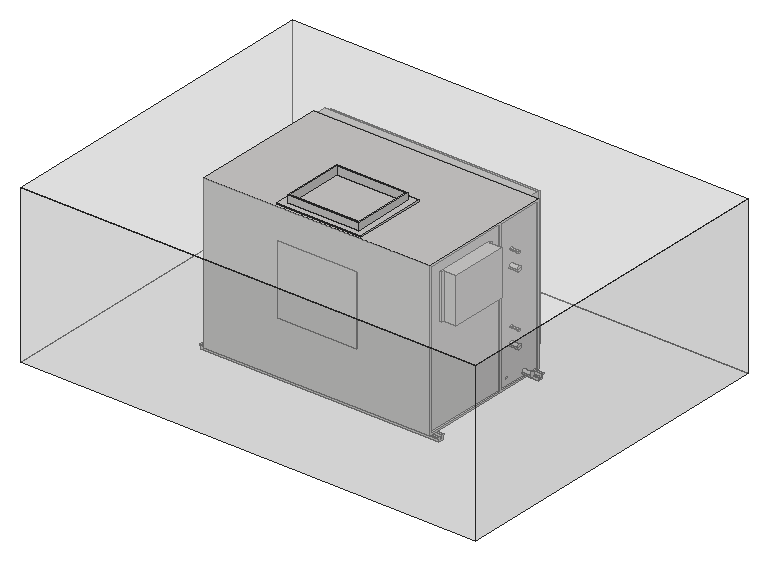
Revit family "outputfile", category 機械設備, Revit 2024
Family settings
  丸型コネクタ寸法 = 半径を使用
  パーツ タイプ = 標準
  OmniClass 番号 = 23.75.10.24.21.27.27
  OmniClass タイトル = Split System Air Conditioning Units
  作業面ベース = いいえ
  常に垂直 = はい
  ロード時にボイドで切り取り = いいえ
  注釈の向きを維持 = いいえ
  共有 = いいえ
  部屋計算ポイント = はい
Parameters (values of type "2FGN300HYL")
  Description = ""
  書き出し IFC クラス(タイプ) = "IfcUnitaryEquipmentType"
  定義済み IFC タイプ(タイプ) = "AIRCONDITIONINGUNIT"
  Cost = 0
  Type Comments = ""
  Keynote = ""
  Type Image = (empty or 0)
  Assembly Code = ""
  switch_frequency = yes
  lw_power = 930 mm
  lw_box = 97 mm
  lw_RA = 853 mm
  lh_liquidpipe_2 = 989 mm
  lh_height_SA = 482 mm
  lh_ld_mountinghole_height = 35 mm
  lh_height_RA = 1073 mm
  lh_hangerfixture = 35 mm
  lh_gaspipe_2 = 869 mm
  lh_box_top = 95 mm
  lh_box = 351 mm
  lh_SA = 1291 mm
  lh_RA = 659.5 mm
  ld_depth_SA = 301 mm
  ld_depth_RA = 130 mm
  ld_box_left = 115 mm
  ld_box = 490 mm
  connector_voltage = Voltage_60Hz  # 380 V
  connector_powerinput = [Power Input (Cooling)]  # 31.610 kW
  connector_phase = Phase_60Hz  # 3
  製造元 = "Daikin"
  モデル = "2FGN300HYL"
  w_pipe = 33 mm
  r_Liquid Pipe Size = Liquid Pipe Size / 2  # 7.95 mm
  r_Gas Pipe Size = Gas Pipe Size / 2  # 17.45 mm
  r_Drain Pipe Size = Drain Pipe Size / 2  # 17.0 mm
  lw_powersupply = lw_power  # 930 mm
  lw_width_RA = 1636 mm
  lw_width_SA = 560 mm
  lh_suctionflange [instance] = 100 mm
  ld_suctionflange [instance] = 190 mm
  ld_powersupply = 0 mm
  angle_vertical_RA [instance] = 90.00°
  angle horizontal_RA [instance] = 180.00°
  Voltage_comment_60Hz = "380"
  Voltage_60Hz = 380 V
  URL = ""
  Sound Power Level_H speed (dB) = 0
  Phase_60Hz = 3
  Minimum External Static Pressure = 0.00 Pa
  Minimum Circuit Amps_60Hz = 0.0 A
  Maximum Fuse Amps_60Hz = 0.0 A
  Maximum External Static Pressure = 200.00 Pa
  Material_Casing = DAIKIN_GalvanizedSteel_Casing_indoorunit
  lw_liquidpipe = 933 mm
  lw_gaspipe = 933 mm
  lw_mountinghole_pitch = 1826 mm
  lw_mountinghole = 1866 mm
  lw_drainpipe = 933 mm
  lh_powersupply = 785 mm
  lh_liquidpipe = 443 mm
  lh_gaspipe = 323 mm
  lh_mountinghole = 5 mm
  lh_drainpipe = 73 mm
  lh_antena = 1227 mm
  ld_liquidpipe = 280.5 mm
  ld_gaspipe = 280.5 mm
  ld_mountinghole_pitch = 974 mm
  ld_drainpipe = 405.5 mm
  ld_controlbox = 626 mm
  h*** = 0 mm  # constant formula
  d_dischargeflange = 60 mm
  Width = 1766 mm
  Version = "ver.1.0"
  Unit Type = "Duct"
  Unit Mass Weight = 337.00 kg
  Unit Designation [instance] = ""
  Uniclass2015Version = "Products v1.30"
  Uniclass2015Title = "Split coil room air conditioning units"
  Uniclass2015Code = "Pr_70_65_03_86"
  Total Cooling Capacity [instance] = 0.000 kW
  Sound Pressure Level_M speed (dBA) = 0
  Sound Pressure Level_L speed (dBA) = 0
  Sound Pressure Level_H speed (dBA) = 66
  Series = "Package Aircon_Fan Coil Unit"
  Sensible Cooling Capacity [instance] = 0.000 kW
  SA Duct Size Width = 560 mm
  SA Duct Size Height = 482 mm
  Refrigerant Type = "R410A"
  RA Duct Size Width = 1636 mm
  RA Duct Size Height = 1073 mm
  Power Input (Cooling) = 31.610 kW
  Option Accessory 3 [instance] = ""
  Option Accessory 2 [instance] = ""
  Option Accessory 1 [instance] = ""
  Nominal Cooling Capacity = 87.925 kW
  Minimum Airflow = 0.00 m³/h
  Median Airflow = 0.00 m³/h
  Maximum Airflow = 15291.00 m³/h
  Load Classification = HVAC
  Liquid Pipe Size = 15.9 mm
  Link_Nested Family [instance] = ""
  IfcVersion = ""
  IfcExportType = "AIRCONDITIONINGUNIT"
  IfcExportAs = "IfcUnitaryEquipmentType"
  Height = 1231 mm
  Heat Exchanger Type = "Cross Fin Coil"
  Gas Pipe Size = 34.9 mm
  Frequency_60Hz = 60 Hz
  Fan Type = "Sirocco Fan"
  Fan Drive = "-"
  FCU Tag No. [instance] = ""
  Drain Pipe Size = 34.0 mm
  Design Supply Airflow [instance] = 0.00 m³/h
  Design Return Airflow [instance] = 0.00 m³/h
  Design External Static Pressure [instance] = 0.00 Pa
  Depth = 1069 mm
  既定の高さ = 0 mm
  Cooling Entering Wet Bulb Temperature [instance] = 0.00 °C
  Cooling Entering Dry Bulb Temperature [instance] = 0.00 °C
  Cooling Ambient Wet Bulb Temperature [instance] = 0.00 °C
  Cooling Ambient Dry Bulb Temperature [instance] = 0.00 °C
  Clearance visibility [instance] = yes
  Clearance Top = 0 mm
  Clearance Right = 1000 mm
  Clearance Rear = 800 mm
  Clearance Left = 800 mm
  Clearance Front = 800 mm
  Clearance Bottom = 0 mm
Reference planes
  plane 1 "Center (Front/Back)": y = 0
  plane 2: z = 0
  plane 3 "Center (Left/Right)": x = 0
  plane 4 "Back": y = 534.5
  plane 5 "Front": y = -534.5
  plane 6 "Left": x = -883
  plane 7 "Right": x = 883
  plane 8 "Top": z = 0
  plane 9 "Bottom": z = -1231
  plane 10: z = -788
  plane 11: z = -908
  plane 12: x = -913
  plane 13: x = 913
  plane 14: x = 933
  plane 15: x = 933
  plane 16: z = -1226
  plane 17 "Clearance Left": x = -1683
  plane 18 "Clearance Right": x = 1883
  plane 19 "Clearance Rear": y = 1334.5
  plane 20 "Clearance Front": y = -1334.5
  plane 21 "Clearance Bottom": z = -1231
  plane 22: z = -1158
  plane 23 "ld_gas": y = 280.5
  plane 24: y = 280.5
  plane 25: y = -30
  plane 26: y = 405.5
  plane 27: y = 344.5
  plane 28: x = 933
  plane 29: y = 487
  plane 30: y = -487
  plane 31: y = -233.5
  plane 32: y = 664.5
  plane 33 "Clearance Top": z = 0
  plane 34: z = -446
  plane 35: y = 0
  plane 36 "hangerfixture": z = -1196
  plane 37 "lh_SA": z = 60
  plane 38 "lh_RA": z = -571.5
  plane 39 "RA_center": x = -30
  plane 40: y = -524.5
  plane 41: y = 155.5
  plane 42: y = 524.5
  plane 43: z = -10
  plane 44: z = -1186
  plane 45: y = 165.5
  plane 46: y = -524.5
  plane 47: y = 155.5
  plane 48: y = 524.5
  plane 49: z = -10
  plane 50: z = -1186
  plane 51: y = 165.5
  plane 52: x = 883
  plane 53: x = 980
  plane 54: y = -419.5
  plane 55: y = -399.5
  plane 56: y = 50.5
  plane 57: y = 70.5
  plane 58 "box_bottom": z = -446
  plane 59 "box_top": z = -95
  plane 60: x = -310
  plane 61: x = 310
  plane 62: y = -534.5
  plane 63: y = -524.5
  plane 64 "lw_power": x = 930
  plane 65: z = -242
  plane 66: z = -362
Forms (mm)
  Extrusion 1, solid, material "DAIKIN_GalvanizedSteel_Casing_indoorunit" <- "Material_Casing"
    sketch origin (0, -0.8, 0) x (1, 0, 0) y (0, 1, 0)
      loop
        line (-883, -533.7) -> (883, -533.7) -> (883, 535.3) -> (-883, 535.3) -> (-883, -533.7)
    from -1196 to 0
  Revolve 2, solid, material "DAIKIN_GalvanizedSteel_Casing_indoorunit" <- "Material_Casing"
    sketch origin (0, 0, -908) x (0, -1, 0) y (1, 0, 0)
      loop
        line (-263.05, 863) -> (-263.05, 933) -> (-280.5, 933) -> (-280.5, 863) -> (-263.05, 863)
      axis (-280.5, 863) -> (-280.5, 933)
    angle from 0 to 360
  Revolve 3, solid, material "DAIKIN_GalvanizedSteel_Casing_indoorunit" <- "Material_Casing"
    sketch origin (0, 0, -788) x (0, -1, 0) y (1, 0, 0)
      loop
        line (-280.5, 863) -> (-280.5, 933) -> (-288.45, 933) -> (-288.45, 863) -> (-280.5, 863)
      axis (-280.5, 933) -> (-280.5, 863)
    angle from 0 to 360
  Extrusion 4, solid, material "DAIKIN_GalvanizedSteel_Casing_indoorunit" <- "Material_Casing"
    sketch origin (0, 0, 0) x (0, 1, 0) y (0, 0, 1)
      loop
        circle (405.5, -1158) r 17
    from 933 to 863
  Extrusion 5, void
    sketch origin (883, 0, 0) x (0, 1, 0) y (0, 0, 1)
      loop
        line (-524.5, -10) -> (-524.5, -1186) -> (155.5, -1186) -> (155.5, -10) -> (-524.5, -10)
      loop
        line (524.5, -10) -> (165.5, -10) -> (165.5, -1186) -> (524.5, -1186) -> (524.5, -10)
    from 0 to -20
  Extrusion 6, void
    sketch origin (-883, 0, 0) x (0, 1, 0) y (0, 0, 1)
      loop
        line (-524.5, -10) -> (-524.5, -1186) -> (155.5, -1186) -> (155.5, -10) -> (-524.5, -10)
      loop
        line (524.5, -10) -> (165.5, -10) -> (165.5, -1186) -> (524.5, -1186) -> (524.5, -10)
    from 0 to 20
  Extrusion 7, solid, material "DAIKIN_GalvanizedSteel_Casing_indoorunit" <- "Material_Casing"
    sketch origin (0, 0, 0) x (1, 0, 0) y (0, 1, 0)
      loop
        line (863, -419.5) -> (883, -419.5) -> (883, -399.5) -> (980, -399.5) -> (980, 50.5) -> (883, 50.5) -> (883, 70.5) -> (863, 70.5) -> (863, -419.5)
    from -446 to -95
  Extrusion 8, solid, material "DAIKIN_GalvanizedSteel_Casing_indoorunit" <- "Material_Casing"
    sketch origin (0, 0, -1231) x (-1, 0, 0) y (0, -1, 0)
      loop
        line (310, 524.5) -> (310, 534.5) -> (-310, 534.5) -> (-310, 524.5) -> (310, 524.5)
    from 444 to 986
  Revolve 9, solid, material "DAIKIN_GalvanizedSteel_Casing_indoorunit" <- "Material_Casing"
    sketch origin (0, 0, -362) x (0, -1, 0) y (1, 0, 0)
      loop
        line (-263.05, 863) -> (-263.05, 933) -> (-280.5, 933) -> (-280.5, 863) -> (-263.05, 863)
      axis (-280.5, 863) -> (-280.5, 933)
    angle from 0 to 360
  Revolve 10, solid, material "DAIKIN_GalvanizedSteel_Casing_indoorunit" <- "Material_Casing"
    sketch origin (0, 0, -242) x (0, -1, 0) y (1, 0, 0)
      loop
        line (-280.5, 863) -> (-280.5, 933) -> (-288.45, 933) -> (-288.45, 863) -> (-280.5, 863)
      axis (-280.5, 933) -> (-280.5, 863)
    angle from 0 to 360
  Extrusion 11, void
    sketch origin (883, 0, 0) x (0, 1, 0) y (0, 0, 1)
      loop
        circle (240, -1132) r 13.5
    from -21 to 0
Cuts and joins
  Extrusion 5, Extrusion 6, Extrusion 11 cuts Extrusion 1
  Extrusion 6 cuts Revolve 2
  Extrusion 6 cuts Revolve 3
  Extrusion 6 cuts Extrusion 4
Dimensions and locks
  equal spacing: plane 12, plane 3 "Center (Left/Right)", plane 13
  "lw_mountinghole_pitch": plane 12 to plane 13
  "lh_liquidpipe": plane 10 to plane 9 "Bottom"
  "lh_gaspipe": plane 11 to plane 9 "Bottom"
  equal spacing: plane 6 "Left", plane 3 "Center (Left/Right)", plane 7 "Right"
  "Width": plane 6 "Left" to plane 7 "Right"
  "Clearance Right": plane 7 "Right" to plane 18 "Clearance Right"
  "Clearance Left": plane 17 "Clearance Left" to plane 6 "Left"
  "Clearance Rear": plane 19 "Clearance Rear" to plane 4 "Back"
  "Clearance Front": plane 5 "Front" to plane 20 "Clearance Front"
  "Depth": plane 4 "Back" to plane 5 "Front"
  equal spacing: plane 4 "Back", plane 1 "Center (Front/Back)", plane 5 "Front"
  "ld_suctionflange": plane 4 "Back" to plane 27
  "r_Liquid Pipe Size": nested 5 to Revolve 3 sketch curve
  equal spacing: plane 29, plane 1 "Center (Front/Back)", plane 30
  "ld_mountinghole_pitch": plane 29 to plane 30
  "lw_liquidpipe": plane 3 "Center (Left/Right)" to plane 14
  "lw_gaspipe": plane 3 "Center (Left/Right)" to plane 15
  "lw_drainpipe": plane 3 "Center (Left/Right)" to plane 28
  "lh_drainpipe": plane 22 to plane 9 "Bottom"
  "Clearance Top": plane 33 "Clearance Top" to plane 8 "Top"
  "Clearance Bottom": plane 9 "Bottom" to plane 21 "Clearance Bottom"
  "lh_powersupply": plane 34 to plane 9 "Bottom"
  plane 8 "Top" to level = 0 mm
  "lh_hangerfixture": plane 36 "hangerfixture" to plane 9 "Bottom"
  "lh_SA": plane 37 "lh_SA" to plane 9 "Bottom"
  "ld_depth_RA": plane 32 to plane 4 "Back"
  "lh_RA": plane 38 "lh_RA" to plane 9 "Bottom"
  "lw_RA": plane 6 "Left" to plane 39 "RA_center"
  locked: plane 36 "hangerfixture" to plane 44 at 10
  plane 5 "Front" to plane 40 = 10 mm
  locked: plane 8 "Top" to plane 43 at 10
  plane 42 to plane 4 "Back" = 10 mm
  plane 40 to plane 41 = 680 mm
  locked: plane 45 to plane 42 at 359
  locked: plane 46 to plane 47 at 680
  locked: plane 51 to plane 48 at 359
  plane 5 "Front" to plane 46 = 10 mm
  plane 48 to plane 4 "Back" = 10 mm
  locked: plane 8 "Top" to plane 49 at 10
  locked: plane 50 to plane 36 "hangerfixture" at 10
  "ld_box_left": plane 54 to plane 5 "Front"
  "ld_box": plane 57 to plane 54
  locked: plane 55 to plane 54 at 20
  locked: plane 57 to plane 56 at 20
  cut or joined group of Extrusion 1, Extrusion 5, Extrusion 6, Extrusion 11 to plane 52 = 20 mm
  "lw_box": plane 7 "Right" to plane 53
  "lh_box_top": plane 8 "Top" to plane 59 "box_top"
  "lh_box": plane 59 "box_top" to plane 58 "box_bottom"
  plane 60 to plane 3 "Center (Left/Right)" to plane 61 = 310 mm locked, 310 mm locked
  "lw_power": plane 3 "Center (Left/Right)" to plane 64 "lw_power"
  "lh_gaspipe_2": plane 66 to plane 9 "Bottom"
  "lh_liquidpipe_2": plane 65 to plane 9 "Bottom"
  "ld_powersupply": plane 35 to plane 1 "Center (Front/Back)"
  "ld_drainpipe": plane 26 to plane 1 "Center (Front/Back)"
  "ld_gaspipe": plane 23 "ld_gas" to plane 1 "Center (Front/Back)"
  "r_Gas Pipe Size": plane 23 "ld_gas" to Revolve 9 sketch curve
  "r_Gas Pipe Size": plane 23 "ld_gas" to Revolve 2 sketch curve
  "r_Liquid Pipe Size": Revolve 10 sketch curve to plane 24
  "ld_liquidpipe": plane 24 to plane 1 "Center (Front/Back)"
  "ld_depth_SA": plane 31 to plane 5 "Front"
  locked: plane 62 to plane 5 "Front"
  locked: plane 63 to plane 62 at 10
  plane 1 "Center (Front/Back)" to Extrusion 11 sketch curve = 240 mm
  Extrusion 11 sketch curve to plane 9 "Bottom" = 99 mm
  "Height": plane 8 "Top" to plane 9 "Bottom"
  "lh_mountinghole": plane 16 to plane 9 "Bottom"
  "r_Drain Pipe Size": radius of Extrusion 4 sketch curve
  diameter of Extrusion 11 sketch curve = 27 mm
  aligned and locked: level to plane 2
  aligned and locked: plane 8 "Top" to Extrusion 1
  aligned and locked: Revolve 2 sketch curve to Revolve 2 sketch curve
  aligned and locked: plane 14 to nested 5
  aligned and locked: nested 5 to plane 10
  aligned and locked: plane 13 to nested 2
  aligned and locked: plane 12 to nested 3
  aligned and locked: plane 12 to nested 4
  aligned and locked: nested 6 to plane 11
  aligned and locked: plane 23 "ld_gas" to nested 6
  aligned and locked: plane 24 to nested 5
  aligned and locked: Extrusion 4 sketch curve to plane 26
  aligned and locked: nested 10 to plane 19 "Clearance Rear"
  aligned and locked: nested 10 to plane 18 "Clearance Right"
  aligned and locked: nested 10 to plane 17 "Clearance Left"
  aligned and locked: nested 10 to plane 20 "Clearance Front"
  aligned and locked: plane 28 to Extrusion 4
  aligned and locked: plane 15 to nested 6  (x2)
  aligned and locked: plane 13 to nested 1
  aligned and locked: plane 26 to nested 7
  aligned and locked: nested 7 to plane 22
  aligned and locked: nested 7 to plane 28
  aligned and locked: plane 29 to nested 1
  aligned and locked: plane 30 to nested 2
  aligned and locked: nested 4 to plane 29
  aligned and locked: nested 3 to plane 30
  aligned and locked: nested 9 to plane 4 "Back"
  aligned and locked: plane 32 to nested 13
  aligned and locked: plane 3 "Center (Left/Right)" to nested 12
  aligned and locked: nested 10 to plane 33 "Clearance Top"
  aligned and locked: nested 10 to plane 21 "Clearance Bottom"
  aligned and locked: nested 11 to plane 9 "Bottom"
  aligned and locked: plane 36 "hangerfixture" to Extrusion 1
  aligned and locked: Extrusion 1 to plane 5 "Front"
  aligned and locked: Extrusion 1 to plane 4 "Back"
  aligned and locked: plane 38 "lh_RA" to nested 9
  aligned and locked: nested 13 to plane 38 "lh_RA"
  aligned and locked: plane 39 "RA_center" to nested 9
  aligned and locked: nested 13 to plane 39 "RA_center"
  aligned and locked: Extrusion 5 sketch curve to plane 43
  aligned and locked: Extrusion 5 sketch curve to plane 40
  aligned and locked: plane 44 to Extrusion 5 sketch curve
  aligned and locked: Extrusion 5 sketch curve to plane 41
  aligned and locked: plane 43 to Extrusion 5 sketch curve
  aligned and locked: Extrusion 5 sketch curve to plane 42
  aligned and locked: Extrusion 5 sketch curve to plane 44
  aligned and locked: Extrusion 5 sketch curve to plane 45
  aligned and locked: Extrusion 6 sketch curve to plane 49
  aligned and locked: Extrusion 6 sketch curve to plane 46
  aligned and locked: plane 50 to Extrusion 6 sketch curve
  aligned and locked: Extrusion 6 sketch curve to plane 47
  aligned and locked: plane 49 to Extrusion 6 sketch curve
  aligned and locked: Extrusion 6 sketch curve to plane 48
  aligned and locked: Extrusion 6 sketch curve to plane 50
  aligned and locked: Extrusion 6 sketch curve to plane 51
  aligned and locked: cut or joined group of Extrusion 1, Extrusion 5, Extrusion 6, Extrusion 11 to Extrusion 7 sketch curve
  aligned and locked: plane 57 to Extrusion 7 sketch curve
  aligned and locked: plane 53 to Extrusion 7 sketch curve
  aligned and locked: Extrusion 7 sketch curve to plane 54
  aligned and locked: plane 59 "box_top" to Extrusion 7
  aligned and locked: Extrusion 7 to plane 58 "box_bottom"
  aligned and locked: Extrusion 8 sketch curve to plane 63
  aligned and locked: Extrusion 8 sketch curve to plane 60
  aligned and locked: plane 62 to Extrusion 8 sketch curve
  aligned and locked: plane 61 to Extrusion 8 sketch curve
  aligned and locked: Revolve 9 sketch curve to Revolve 9 sketch curve
  aligned and locked: nested 15 to plane 65
  aligned and locked: nested 16 to plane 66
  aligned and locked: Revolve 10 to plane 14
  aligned and locked: plane 14 to nested 15
  aligned and locked: plane 15 to cut or joined group of Revolve 2, Extrusion 6  (x3)
  aligned and locked: cut or joined group of Revolve 2, Extrusion 6 to plane 15
  aligned and locked: nested 14 to plane 35
  aligned and locked: Revolve 2 sketch curve to plane 23 "ld_gas"
  aligned and locked: plane 23 "ld_gas" to nested 16
  aligned and locked: plane 24 to nested 15
  aligned and locked: plane 37 "lh_SA" to nested 12
  aligned and locked: plane 37 "lh_SA" to nested 8
  aligned and locked: plane 31 to nested 12
  aligned and locked: plane 31 to nested 8
  aligned and locked: cut or joined group of Extrusion 1, Extrusion 5, Extrusion 6, Extrusion 11 to cut or joined group of Extrusion 4, Extrusion 6
  aligned and locked: cut or joined group of Extrusion 1, Extrusion 5, Extrusion 6, Extrusion 11 to Revolve 10
  aligned and locked: Revolve 9 to cut or joined group of Extrusion 1, Extrusion 5, Extrusion 6, Extrusion 11
  aligned and locked: cut or joined group of Extrusion 1, Extrusion 5, Extrusion 6, Extrusion 11 to cut or joined group of Revolve 3, Extrusion 6
  aligned and locked: cut or joined group of Revolve 2, Extrusion 6 to cut or joined group of Extrusion 1, Extrusion 5, Extrusion 6, Extrusion 11
  aligned and locked: plane 52 to Extrusion 7 sketch curve
  aligned and locked: Extrusion 7 sketch curve to plane 55
  aligned and locked: Extrusion 7 sketch curve to plane 56
  aligned and locked: Extrusion 7 sketch curve to plane 52
  aligned and locked: nested 14 to plane 64 "lw_power"
  aligned and locked: nested 14 to plane 34
Automatic sketch dimensions
  Extrusion 1 sketch curve to plane 4 "Back" = 0 mm
  Extrusion 1 sketch curve to plane 6 "Left" = 0 mm
  Extrusion 1 sketch curve to plane 5 "Front" = 0 mm
  Extrusion 1 sketch curve to plane 7 "Right" = 0 mm
  Revolve 3 sketch curve to plane 23 "ld_gas" = 0 mm  (x2)
  Revolve 3 sketch curve to plane 14 = 0 mm  (x2)
  Revolve 3 sketch curve to plane 7 "Right" = 20 mm
  plane 7 "Right" to Revolve 3 sketch curve = 15 mm
  Extrusion 4 sketch curve to plane 22 = 0 mm
  Revolve 10 sketch curve to plane 23 "ld_gas" = 0 mm  (x2)
  Revolve 10 sketch curve to plane 14 = 0 mm  (x2)
  Revolve 10 sketch curve to plane 7 "Right" = 20 mm
  plane 7 "Right" to Revolve 10 sketch curve = 15 mm
  Revolve 2 sketch curve to plane 14 = 0 mm
  Revolve 2 sketch curve to plane 7 "Right" = 20 mm
  plane 7 "Right" to Revolve 2 sketch curve = 2.003 mm
  plane 14 to Revolve 2 sketch curve = 1.003 mm
  Revolve 9 sketch curve to plane 23 "ld_gas" = 0 mm
  Revolve 9 sketch curve to plane 14 = 0 mm
  Revolve 9 sketch curve to plane 7 "Right" = 20 mm
  plane 7 "Right" to Revolve 9 sketch curve = 2.003 mm
  plane 14 to Revolve 9 sketch curve = 1.003 mm
Nested families
  nested 1: "daikin_mountinghole" at (913, 487, -1231), Link_Nested Family <- "Link_Nested Family", h_mountinghole <- "lh_mountinghole", l_antenna <- "lh_antena", type "daikin_mountinghole"
    with show yes, l_antenna 1227 mm, h_mountinghole 5 mm, Link_Nested Family "", d_circle 23 mm
  nested 2: "daikin_mountinghole" at (913, -487, -1231), Link_Nested Family <- "Link_Nested Family", h_mountinghole <- "lh_mountinghole", l_antenna <- "lh_antena", type "daikin_mountinghole"
    with show yes, l_antenna 1227 mm, h_mountinghole 5 mm, Link_Nested Family "", d_circle 23 mm
  nested 3: "daikin_mountinghole" at (-913, -487, -1231), Link_Nested Family <- "Link_Nested Family", h_mountinghole <- "lh_mountinghole", l_antenna <- "lh_antena", type "daikin_mountinghole"
    with show yes, l_antenna 1227 mm, h_mountinghole 5 mm, Link_Nested Family "", d_circle 23 mm
  nested 4: "daikin_mountinghole" at (-913, 487, -1231), Link_Nested Family <- "Link_Nested Family", h_mountinghole <- "lh_mountinghole", l_antenna <- "lh_antena", type "daikin_mountinghole"
    with show yes, l_antenna 1227 mm, h_mountinghole 5 mm, Link_Nested Family "", d_circle 23 mm
  nested 5: "daikin_connector_rotate2" at (0, 280.5, -788) x (0, 1, 0) z (0, 0, 1), length <- "lw_liquidpipe", built-in parameter 1001364 <- "lh_liquidpipe", radius <- "r_Liquid Pipe Size", type "daikin_connector_rotate2"
    with radius 7.95 mm, length 933 mm, angle_vertical 90.00°
  nested 6: "daikin_connector_rotate2" at (0, 280.5, -908) x (0, 1, 0) z (0, 0, 1), length <- "lw_gaspipe", built-in parameter 1001364 <- "lh_gaspipe", radius <- "r_Gas Pipe Size", type "daikin_connector_rotate2"
    with radius 17.45 mm, length 933 mm, angle_vertical 90.00°
  nested 7: "daikin_connector_rotate2" at (0, 405.5, -1158) x (0, 1, 0) z (0, 0, 1), built-in parameter 1001364 <- "lh_drainpipe", length <- "lw_drainpipe", radius <- "r_Drain Pipe Size", type "daikin_connector_rotate2"
    with radius 17 mm, length 933 mm, angle_vertical 90.00°
  nested 8: "daikin_connector_rotate2" at (0, -233.5, 0) x (1, 0, 0) z (0, 1, 0), length <- "d_dischargeflange", type "daikin_connector_rotate2"
    with radius 10 mm, length 60 mm, angle_vertical 90.00°
  nested 9: "daikin_ductflange_2FGN-HYL" at (-30, 534.5, -571.5), material <- "Material_Casing", width <- "lw_width_RA", height <- "lh_height_RA", depth <- "ld_depth_RA", type "daikin_ductflange_2FGN-HYL"
    with width 1636 mm, material DAIKIN_GalvanizedSteel_Casing_indoorunit, height 1073 mm, depth 130 mm
  nested 10: "daikin_clearancespace" at (100, 0, -615.381), visible <- "Clearance visibility", show <- "Clearance visibility", Link_Nested Family <- "Link_Nested Family", type "daikin_clearancespace"
    with width 3566 mm, show yes, height 1231 mm, depth 2669 mm, Link_Nested Family ""
  nested 11: "daikin_hangerfixture_2FGN-HYL" at (0, 0, -1231), type "daikin_hangerfixture_2FGN-HYL"
  nested 12: "daikin_ductflange_2FGN-HYL_1" at (0, -422.901, 0) x (1, 0, 0) z (0, 1, 0), width <- "lw_width_SA", material <- "Material_Casing", height <- "lh_height_SA", depth <- "d_dischargeflange", type "daikin_ductflange_2FGN-HYL_1"
    with width 560 mm, t 10 mm, material DAIKIN_GalvanizedSteel_Casing_indoorunit, height 482 mm, depth 60 mm
  nested 13: "daikin_connector_rotate2" at (-30, 534.5, -571.5) x (-1, 0, 0) z (0, 0, 1), length <- "ld_depth_RA", type "daikin_connector_rotate2"
    with radius 10 mm, length 130 mm, angle_vertical 90.00°
  nested 14: "daikin_connector_rotate2" at (930, 0, -95) x (0, 1, 0) z (1, 0, 0), length <- "lh_box", type "daikin_connector_rotate2"
    with radius 10 mm, length 351 mm, angle_vertical 90.00°
  nested 15: "daikin_connector_rotate2" at (0, 280.5, -242) x (0, 1, 0) z (0, 0, 1), length <- "lw_liquidpipe", built-in parameter 1001364 <- "lh_liquidpipe", radius <- "r_Liquid Pipe Size", type "daikin_connector_rotate2"
    with radius 7.95 mm, length 933 mm, angle_vertical 90.00°
  nested 16: "daikin_connector_rotate2" at (0, 280.5, -362) x (0, 1, 0) z (0, 0, 1), length <- "lw_gaspipe", built-in parameter 1001364 <- "lh_gaspipe", radius <- "r_Gas Pipe Size", type "daikin_connector_rotate2"
    with radius 17.45 mm, length 933 mm, angle_vertical 90.00°
Connectors
  piping at (933, 280.5, -908), diameter 34.9, driven by "r_Gas Pipe Size"
    settings: on nested 6, index 1, connector inside diameter 609.6 mm, connector length 0 mm, flow factor 0, pipe flow 0.00 m³/h, pressure drop 0.0 Pa, fitting loss kfactor 0, connector angle 0.00°, fixture units 0, engagement length 0 mm, angle of deflection 0.00°, flow configuration 1, flow direction 2, fitting loss method 0, system type 29, joint type 0, gender type 0, connector reference index -1, connector utility 0, adjustable connector no, is connector primary yes, connector description "Refrigerant Gas Piping"
  piping at (933, 280.5, -788), diameter 15.9, driven by "r_Liquid Pipe Size"
    settings: on nested 5, index 2, connector inside diameter 609.6 mm, connector length 0 mm, flow factor 0, pipe flow 0.00 m³/h, pressure drop 0.0 Pa, fitting loss kfactor 0, connector angle 0.00°, fixture units 0, engagement length 0 mm, angle of deflection 0.00°, flow configuration 1, flow direction 1, fitting loss method 0, system type 29, joint type 0, gender type 0, connector reference index -1, connector utility 0, adjustable connector no, is connector primary no, connector description "Refrigerant Liquid Piping"
  piping at (933, 405.5, -1158), diameter 34, driven by "r_Drain Pipe Size"
    settings: on nested 7, index 3, connector inside diameter 609.6 mm, connector length 0 mm, flow factor 0, pipe flow 0.00 m³/h, pressure drop 0.0 Pa, fitting loss kfactor 0, connector angle 0.00°, fixture units 0, engagement length 0 mm, angle of deflection 0.00°, flow configuration 1, flow direction 2, fitting loss method 4, system type 16, joint type 0, gender type 0, connector reference index -1, connector utility 0, adjustable connector no, is connector primary no, connector description "Condensate Drain Piping"
  hvac at (0, -233.5, 60), driven by "SA Duct Size Height", driven by "SA Duct Size Width"
    settings: on nested 8, index 7, duct flow 0.00 m³/h, flow factor 0, pres drop 0.00 Pa, loss coef 0, conn angle 0.00°, conn width 560.0 mm, conn height 482.0 mm, conn diameter 609.6 mm, duct sys type 1, conn prof type 1, flow config 0, flow direction 2, loss method 4, conn ref index -1, conn util no, is conn primary yes, conn desc "SA Duct"
  hvac at (-30, 664.5, -571.5), driven by "RA Duct Size Width", driven by "RA Duct Size Height"
    settings: on nested 13, index 8, duct flow 0.00 m³/h, flow factor 0, pres drop 0.00 Pa, loss coef 0, conn angle 0.00°, conn width 1636.0 mm, conn height 1073.0 mm, conn diameter 609.6 mm, duct sys type 2, conn prof type 1, flow config 0, flow direction 1, loss method 4, conn ref index -1, conn util no, is conn primary no, conn desc "RA Duct"
  electrical at (930, 0, -446), driven by "Load Classification", driven by "connector_phase", driven by "connector_powerinput", driven by "connector_voltage"
    settings: on nested 14, index 9, voltage 380 V, apparent load 31610 VA, apparent load phase1 0 VA, apparent load phase2 0 VA, apparent load phase3 0 VA, power factor 1, load classification "HVAC", number of poles 3, system type 30, power factor state 1, is connector primary yes, connector utility no, sub classification motor no, connector description "Power Supply"
  piping at (933, 280.5, -362), diameter 34.9, driven by "r_Gas Pipe Size"
    settings: on nested 16, index 10, connector inside diameter 609.6 mm, connector length 0 mm, flow factor 0, pipe flow 0.00 m³/h, pressure drop 0.0 Pa, fitting loss kfactor 0, connector angle 0.00°, fixture units 0, engagement length 0 mm, angle of deflection 0.00°, flow configuration 1, flow direction 2, fitting loss method 0, system type 29, joint type 0, gender type 0, connector reference index -1, connector utility 0, adjustable connector no, is connector primary no, connector description "Refrigerant Gas Piping"
  piping at (933, 280.5, -242), diameter 15.9, driven by "r_Liquid Pipe Size"
    settings: on nested 15, index 11, connector inside diameter 609.6 mm, connector length 0 mm, flow factor 0, pipe flow 0.00 m³/h, pressure drop 0.0 Pa, fitting loss kfactor 0, connector angle 0.00°, fixture units 0, engagement length 0 mm, angle of deflection 0.00°, flow configuration 1, flow direction 1, fitting loss method 0, system type 29, joint type 0, gender type 0, connector reference index -1, connector utility 0, adjustable connector no, is connector primary no, connector description "Refrigerant Liquid Piping"
Definition of nested family "daikin_ductflange_2FGN-HYL"
  Parameters (values of type "daikin_ductflange_2FDN200HTL")
    width [instance] = 1636 mm
    material [instance] = none
    height [instance] = 747 mm
    depth [instance] = 130 mm
    Default Elevation = 0 mm
  Reference planes
    plane 1 "Center (Front/Back)": y = 0
    plane 2: z = 0
    plane 3 "Center (Left/Right)": x = 0
    plane 4: x = -818
    plane 5: x = 818
    plane 6: z = 373.5
    plane 7: z = -373.5
    plane 8: y = 90
    plane 9: y = 130
    plane 10: x = -813
    plane 11: x = 813
    plane 12: z = -368.5
    plane 13: z = 368.5
    plane 14: x = -833
    plane 15: x = 833
    plane 16: z = 393.5
    plane 17: z = -373.5
  Forms (mm)
    Extrusion 1, solid, material <- "material"
      sketch origin (0, 0, 0) x (1, 0, 0) y (0, 0, 1)
        loop
          line (-833, 393.5) -> (-833, -373.5) -> (833, -373.5) -> (833, 393.5) -> (-833, 393.5)
        loop
          line (-813, 368.5) -> (-813, -368.5) -> (813, -368.5) -> (813, 368.5) -> (-813, 368.5)
      from 0 to -90
    Extrusion 2, solid, material <- "material"
      sketch origin (0, 0, 0) x (1, 0, 0) y (0, 0, 1)
        loop
          line (-818, 373.5) -> (-818, -373.5) -> (818, -373.5) -> (818, 373.5) -> (-818, 373.5)
        loop
          line (813, 368.5) -> (-813, 368.5) -> (-813, -368.5) -> (813, -368.5) -> (813, 368.5)
      from -130 to -90
  Cuts and joins
    joined: Extrusion 1, Extrusion 2
  Dimensions and locks
    equal spacing: plane 5, plane 3 "Center (Left/Right)", plane 4
    "width": plane 5 to plane 4
    equal spacing: plane 6, level, plane 7
    "height": plane 6 to plane 7
    locked: plane 1 "Center (Front/Back)" to plane 8 at 90
    "depth": plane 1 "Center (Front/Back)" to plane 9
    plane 6 to plane 13 = 5 mm
    plane 12 to plane 7 = 5 mm
    plane 5 to plane 11 = 5 mm
    plane 10 to plane 4 = 5 mm
    plane 4 to plane 14 = 15 mm
    plane 15 to plane 5 = 15 mm
    locked: plane 16 to plane 6 at 20
    locked: plane 7 to plane 17
    aligned and locked: level to plane 2
    aligned and locked: Extrusion 1 to plane 8
    aligned and locked: plane 1 "Center (Front/Back)" to Extrusion 1
    aligned and locked: Extrusion 2 to plane 9
    aligned and locked: Extrusion 2 to Extrusion 1
    aligned and locked: plane 13 to Extrusion 2 sketch curve
    aligned and locked: plane 11 to Extrusion 2 sketch curve
    aligned and locked: Extrusion 2 sketch curve to plane 12
    aligned and locked: Extrusion 2 sketch curve to plane 10
    aligned and locked: Extrusion 1 sketch curve to plane 16
    aligned and locked: plane 14 to Extrusion 1 sketch curve
    aligned and locked: plane 17 to Extrusion 1 sketch curve
    aligned and locked: Extrusion 1 sketch curve to plane 15
  Automatic sketch dimensions
    Extrusion 2 sketch curve to plane 4 = 0 mm
    Extrusion 2 sketch curve to plane 5 = 0 mm
    Extrusion 2 sketch curve to plane 7 = 0 mm
    Extrusion 2 sketch curve to plane 6 = 0 mm
    plane 4 to Extrusion 1 sketch curve = 5 mm
    Extrusion 1 sketch curve to plane 5 = 5 mm
    plane 7 to Extrusion 1 sketch curve = 5 mm
    Extrusion 1 sketch curve to plane 6 = 5 mm
Definition of nested family "daikin_clearancespace"
  Parameters (values of type "daikin_clearancespace")
    Description = "daikin_clearancespace"
    width [instance] = 1823.963 mm
    show [instance] = yes
    material = none
    height [instance] = 1359.762 mm
    depth [instance] = 880 mm
    Default Elevation = 0 mm
    Link_Nested Family [instance] = ""
  Reference planes
    plane 1 "Center (Front/Back)": y = 0
    plane 2 "Center (Elevation)": z = -0.119
    plane 3 "Center (Left/Right)": x = 0
    plane 4: y = 440
    plane 5: y = -440
    plane 6 "Right": x = 911.982
    plane 7 "Left": x = -911.982
    plane 8 "Top": z = 679.762
    plane 9 "Bottom": z = -680
  Forms (mm)
    Extrusion 1, solid, material <- "material", visible <- "show"
      sketch origin (0, 0, 0) x (1, 0, 0) y (0, 1, 0)
        loop
          line (-911.982, 440) -> (-911.982, -440) -> (911.982, -440) -> (911.982, 440) -> (-911.982, 440)
      from -680 to 679.762
  Lines and regions (mm)
    symbolic lines, visible <- "show"
      curve 1: line (911.982, 440, 0) -> (-911.982, 440, 0)
      curve 2: line (-911.982, 440, 0) -> (-911.982, -440, 0)
      curve 3: line (-911.982, -440, 0) -> (911.982, -440, 0)
      curve 4: line (911.982, -440, 0) -> (911.982, 440, 0)
      curve 5: line (911.982, 0, 679.762) -> (-911.982, 0, 679.762)
      curve 6: line (911.982, 0, -680) -> (911.982, 0, 679.762)
      curve 7: line (-911.982, 0, -680) -> (911.982, 0, -680)
      curve 8: line (-911.982, 0, 679.762) -> (-911.982, 0, -680)
      curve 9: line (0, 440, 679.762) -> (0, -440, 679.762)
      curve 10: line (0, -440, 679.762) -> (0, -440, -680)
      curve 11: line (0, 440, -680) -> (0, 440, 679.762)
      curve 12: line (0, -440, -680) -> (0, 440, -680)
  Dimensions and locks
    "width": plane 7 "Left" to plane 6 "Right"
    "depth": plane 4 to plane 5
    "height": plane 8 "Top" to plane 9 "Bottom"
    equal spacing: plane 7 "Left", plane 3 "Center (Left/Right)", plane 6 "Right"
    equal spacing: plane 4, plane 1 "Center (Front/Back)", plane 5
    equal spacing: plane 8 "Top", plane 2 "Center (Elevation)", plane 9 "Bottom"
    aligned and locked: level to plane 2 "Center (Elevation)"
    aligned and locked: Extrusion 1 sketch curve to plane 4
    aligned and locked: plane 7 "Left" to Extrusion 1 sketch curve
    aligned and locked: Extrusion 1 sketch curve to plane 5
    aligned and locked: Extrusion 1 sketch curve to plane 6 "Right"
    aligned and locked: plane 8 "Top" to Extrusion 1
    aligned and locked: curve 1 to Extrusion 1
    aligned and locked: curve 2 to Extrusion 1
    aligned and locked: curve 3 to Extrusion 1
    aligned and locked: curve 4 to Extrusion 1
    aligned and locked: curve 5 to Extrusion 1
    aligned and locked: curve 6 to Extrusion 1
    aligned and locked: curve 7 to Extrusion 1
    aligned and locked: curve 8 to Extrusion 1
    aligned and locked: curve 9 to Extrusion 1
    aligned and locked: curve 10 to Extrusion 1
    aligned and locked: curve 11 to Extrusion 1
    aligned and locked: curve 12 to Extrusion 1
    aligned and locked: Extrusion 1 to plane 9 "Bottom"
Definition of nested family "daikin_hangerfixture_2FGN-HYL"
  Parameters (values of type "daikin_hangerfixture_2FDN200HTL")
    width = 1826 mm
    material = none
    height = 35 mm
    e = 40 mm
    depth = 974 mm
    Default Elevation = 0 mm
    G = 1866 mm
    E = 50 mm
  Reference planes
    plane 1 "Center (Front/Back)": y = 0
    plane 2: z = 0
    plane 3 "Center (Left/Right)": x = 0
    plane 4: x = 913
    plane 5: x = -913
    plane 6: z = 35
    plane 7: y = 487
    plane 8: y = -487
    plane 9: x = -933
    plane 10: x = 933
    plane 11: y = 527
    plane 12: y = -527
  Forms (mm)
    Extrusion 1, solid
      sketch origin (0, 0, 0) x (0, 1, 0) y (0, 0, 1)
        loop
          line (-505, 0) -> (-469, 0) -> (-469, 30) -> (-458, 30) -> (-458, 35) -> (-474, 35) -> (-474, 5) -> (-500, 5) -> (-500, 35) -> (-518, 35) -> (-518, 30) -> (-505, 30) -> (-505, 0)
        loop
          line (505, 0) -> (505, 30) -> (518, 30) -> (518, 35) -> (500, 35) -> (500, 5) -> (474, 5) -> (474, 35) -> (458, 35) -> (458, 30) -> (469, 30) -> (469, 0) -> (505, 0)
      from -933 to 933
    Extrusion 2, void
      sketch origin (0, 0, 0) x (1, 0, 0) y (0, 1, 0)
        loop
          circle (-913, 487) r 11.5
        loop
          circle (-913, -487) r 11.5
        loop
          circle (913, -487) r 11.5
        loop
          circle (913, 487) r 11.5
      from 0 to 9
  Cuts and joins
    Extrusion 2 cuts Extrusion 1
  Dimensions and locks
    "width": plane 5 to plane 4
    equal spacing: plane 5, plane 3 "Center (Left/Right)", plane 4
    "depth": plane 8 to plane 7
    equal spacing: plane 8, plane 1 "Center (Front/Back)", plane 7
    "height": plane 6 to level
    "e": plane 7 to plane 11
    "e": plane 12 to plane 8
    equal spacing: plane 9, plane 3 "Center (Left/Right)", plane 10
    "G": plane 9 to plane 10
    aligned and locked: level to plane 2
    aligned and locked: Extrusion 1 to plane 9
    aligned and locked: plane 10 to Extrusion 1
    aligned and locked: plane 7 to Extrusion 2 sketch curve  (x2)
    aligned and locked: plane 5 to Extrusion 2 sketch curve  (x2)
    aligned and locked: plane 8 to Extrusion 2 sketch curve  (x2)
    aligned and locked: plane 4 to Extrusion 2 sketch curve  (x2)
  Automatic sketch dimensions
    Extrusion 1 sketch curve to plane 6 = 0 mm  (x4)
    Extrusion 1 sketch curve to level = 0 mm  (x2)
    Extrusion 1 sketch curve to plane 6 = 5 mm  (x3)
    Extrusion 1 sketch curve to plane 12 = 9 mm
    Extrusion 1 sketch curve to Extrusion 1 sketch curve = 13 mm  (x2)
    Extrusion 1 sketch curve to Extrusion 1 sketch curve = 5 mm  (x5)
    Extrusion 1 sketch curve to plane 8 = 13 mm
    Extrusion 1 sketch curve to Extrusion 1 sketch curve = 11 mm
    plane 7 to Extrusion 1 sketch curve = 29 mm
    plane 7 to Extrusion 1 sketch curve = 18 mm
    Extrusion 1 sketch curve to plane 7 = 13 mm
    level to Extrusion 1 sketch curve = 5 mm  (x2)
    radius of Extrusion 2 sketch curve = 11.5 mm  (x4)
Definition of nested family "daikin_ductflange_2FGN-HYL_1"
  Parameters (values of type "daikin_ductflange_2FDN200HTL_1")
    width [instance] = 474 mm
    t [instance] = 10 mm
    material [instance] = none
    height [instance] = 408 mm
    depth [instance] = 60 mm
    Default Elevation = 0 mm
  Reference planes
    plane 1 "Center (Front/Back)": y = 0
    plane 2: z = 189.401
    plane 3 "Center (Left/Right)": x = 0
    plane 4: y = 0
    plane 5: y = -60
    plane 6: y = -10
    plane 7: z = 393.401
    plane 8: z = -14.599
    plane 9: x = -227
    plane 10: x = 227
    plane 11: x = -237
    plane 12: x = 237
    plane 13: z = 383.401
    plane 14: z = -4.599
    plane 15: x = -287
    plane 16: z = 433.401
    plane 17: z = -54.599
    plane 18: x = 287
  Forms (mm)
    Extrusion 1, solid, material <- "material"
      sketch origin (0, 0, 0) x (1, 0, 0) y (0, 0, 1)
        loop
          line (-237, 393.401) -> (-237, -14.599) -> (237, -14.599) -> (237, 393.401) -> (-237, 393.401)
        loop
          line (-227, 383.401) -> (-227, -4.599) -> (227, -4.599) -> (227, 383.401) -> (-227, 383.401)
      from 10 to 60
    Extrusion 2, solid, material <- "material"
      sketch origin (0, 0, 0) x (1, 0, 0) y (0, 0, 1)
        loop
          line (-287, 433.401) -> (-287, -54.599) -> (287, -54.599) -> (287, 433.401) -> (-287, 433.401)
        loop
          line (-227, 383.401) -> (-227, -4.599) -> (227, -4.599) -> (227, 383.401) -> (-227, 383.401)
      from 0 to 10
  Cuts and joins
    joined: Extrusion 1, Extrusion 2
  Dimensions and locks
    plane 4 to plane 1 "Center (Front/Back)" = 0 mm
    "depth": plane 5 to plane 4
    plane 6 to plane 4 = 10 mm
    equal spacing: plane 7, level, plane 8
    "height": plane 7 to plane 8
    equal spacing: plane 10, plane 3 "Center (Left/Right)", plane 9
    "t": plane 9 to plane 11
    "t": plane 12 to plane 10
    "t": plane 7 to plane 13
    "t": plane 14 to plane 8
    plane 11 to plane 15 = 50 mm
    plane 18 to plane 12 = 50 mm
    plane 16 to plane 7 = 40 mm
    plane 8 to plane 17 = 40 mm
    "width": plane 12 to plane 11
    aligned and locked: level to plane 2
    aligned and locked: Extrusion 1 sketch curve to plane 7
    aligned and locked: plane 11 to Extrusion 1 sketch curve
    aligned and locked: plane 8 to Extrusion 1 sketch curve
    aligned and locked: Extrusion 1 sketch curve to plane 12
    aligned and locked: Extrusion 1 sketch curve to plane 13
    aligned and locked: plane 9 to Extrusion 1 sketch curve
    aligned and locked: plane 14 to Extrusion 1 sketch curve
    aligned and locked: Extrusion 1 sketch curve to plane 10
    aligned and locked: plane 6 to Extrusion 1
    aligned and locked: Extrusion 1 to plane 5
    aligned and locked: Extrusion 2 sketch curve to plane 16
    aligned and locked: plane 15 to Extrusion 2 sketch curve
    aligned and locked: plane 17 to Extrusion 2 sketch curve
    aligned and locked: Extrusion 2 sketch curve to plane 18
    aligned and locked: Extrusion 2 sketch curve to Extrusion 1  (x4)
    aligned and locked: Extrusion 2 to plane 1 "Center (Front/Back)"
    aligned and locked: Extrusion 2 to plane 6
  Automatic sketch dimensions
    Extrusion 2 sketch curve to plane 15 = 0 mm
Definition of nested family "daikin_mountinghole"
  Parameters (values of type "daikin_mountinghole")
    Default Elevation = 1219.2 mm
    Type Comments = "mountinghole"
    show [instance] = yes
    material = none
    l_centerline = 100 mm
    l_antenna [instance] = 100 mm
    h_mountinghole [instance] = 0 mm
    d_circle = 30 mm
    Link_Nested Family [instance] = ""
  Reference planes
    plane 1 "Center (Front/Back)": y = 0
    plane 2: z = 0
    plane 3 "Center (Left/Right)": x = 0
    plane 4: y = 50
    plane 5: x = -50
    plane 6: x = 50
    plane 7: y = -50
    plane 8 "h_mountinghole": z = 0
    plane 9: z = 100
  Lines and regions (mm)
    model lines, detail levels fine
      curve 1: circle (0, 0, 0) r 15 normal (0, 0, 1)
      curve 2: line (-50, 0, 0) -> (50, 0, 0)
      curve 3: line (0, 50, 0) -> (0, -50, 0)
    symbolic lines, detail levels fine
      curve 4: circle (0, 0, 0) r 15 normal (0, 0, 1)
      curve 5: line (-50, 0, 0) -> (50, 0, 0)
      curve 6: line (0, 50, 0) -> (0, -50, 0)
    model lines
      curve 7: line (0, 0, 100) -> (0, 0, 0)
  Dimensions and locks
    equal spacing: plane 4, plane 1 "Center (Front/Back)", plane 7
    "l_centerline": plane 4 to plane 7
    equal spacing: plane 5, plane 3 "Center (Left/Right)", plane 6
    "l_centerline": plane 5 to plane 6
    "l_antenna": plane 9 to plane 8 "h_mountinghole"
    "h_mountinghole": plane 8 "h_mountinghole" to plane 2
    "d_circle": diameter of curve 1
    "d_circle": diameter of curve 4
    aligned and locked: level to plane 2
    aligned and locked: plane 1 "Center (Front/Back)" to curve 1
    aligned and locked: plane 3 "Center (Left/Right)" to curve 1
    aligned and locked: plane 1 "Center (Front/Back)" to curve 2
    aligned and locked: curve 3 to plane 3 "Center (Left/Right)"
    aligned and locked: plane 6 to curve 2
    aligned and locked: plane 5 to curve 2
    aligned and locked: plane 4 to curve 3
    aligned and locked: plane 7 to curve 3
    aligned and locked: plane 1 "Center (Front/Back)" to curve 4
    aligned and locked: plane 3 "Center (Left/Right)" to curve 4
    aligned and locked: plane 6 to curve 5
    aligned and locked: plane 5 to curve 5
    aligned and locked: plane 1 "Center (Front/Back)" to curve 5
    aligned and locked: plane 4 to curve 6
    aligned and locked: plane 7 to curve 6
    aligned and locked: curve 6 to plane 3 "Center (Left/Right)"
    aligned and locked: curve 7 to plane 3 "Center (Left/Right)"
    aligned and locked: plane 9 to curve 7
    aligned and locked: plane 8 "h_mountinghole" to curve 7
Definition of nested family "daikin_connector_rotate2"
  Parameters (values of type "daikin_connector_rotate2")
    show_face = no
    radius [instance] = 10 mm
    length [instance] = 600 mm
    d_surface = 10 mm
    angle_vertical [instance] = 90.00°
    Default Elevation = 0 mm
  Reference planes
    plane 1 "Center (Front/Back)": y = 0
    plane 2: z = 0
    plane 3 "Center (Left/Right)": x = 0
  Forms (mm)
    Extrusion 1, solid, visible <- "show_face"
      sketch origin (0, -600, 0) x (1, 0, 0) y (0, 0, 1)
        loop
          circle (0, 0) r 10
      from 0 to -10
  Lines and regions (mm)
    reference lines
      curve 1: line (0, 0, 0) -> (0, -600, 0)
    symbolic lines
      curve 2: circle (0, 0, 0) r 5 normal (0, 0, 1)
    model lines, visible <- "show_face"
      curve 3: line (0, 0, 0) -> (0, -600, 0)
  Dimensions and locks
    "length": curve 1 to curve 1
    "length": curve 3 to curve 3
    "d_surface": Extrusion 1 to Extrusion 1
    "radius": radius of Extrusion 1 sketch curve
    "angle_vertical": angle curve 1 to plane 1 "Center (Front/Back)"
    "angle_vertical": angle curve 3 to plane 1 "Center (Front/Back)"
    aligned and locked: level to plane 2
    aligned and locked: plane 1 "Center (Front/Back)" to curve 1
    aligned and locked: plane 2 to curve 1
    aligned and locked: plane 1 "Center (Front/Back)" to curve 2
    aligned and locked: plane 3 "Center (Left/Right)" to curve 2
    aligned and locked: plane 1 "Center (Front/Back)" to curve 3
    aligned and locked: plane 2 to curve 3
    aligned and locked: Extrusion 1 to Extrusion 1
  Automatic sketch dimensions
    Extrusion 1 sketch curve to level = 0 mm
    Extrusion 1 sketch curve to plane 3 "Center (Left/Right)" = 0 mm
    radius of curve 2 = 5 mm
